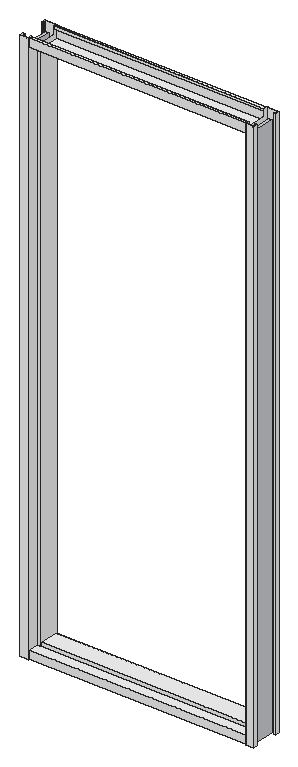
Revit family "32_Berkvens_Avento RZ 201 (Vrij plaatsen)", category Doors, Revit 2019
Family settings
  Work Plane-Based = No
  Always vertical = No
  Cut with Voids When Loaded = No
  Shared = No
  Room Calculation Point = No
Parameters (values of type "1000x2315")
  X1 [instance] = Glas
  Volumeclaim minimale sparingbreedte aan/uit [instance] = yes
  Versie = "1.0"  # constant formula
  URL = "www.berkvens.nl"
  SmokeStop = no
  SelfClosing = no
  S2 [instance] = if([60_43 Extra tussenstijl], 0 mm, 1000 mm)  # 1000 mm
  S1 [instance] = [60_69 Wanddikte] + 15 mm  # 115 mm
  Model = "Avento RZ"  # constant formula
  Markering aan/uit [instance] = yes
  Manufacturer = "Berkvens"  # constant formula
  M6 = Berkvens_gebroken wit
  M5 = Berkvens_kristalwit
  M4 = Berkvens_reinwit
  M3 = Berkvens_reinwit
  M2 = Berkvens_kristalwit
  M1 = Berkvens <maak keuze>
  IsExternal = no
  FireRating = ""
  FireExit = no
  Compartmentation = no
  Assembly Code = "32.31"
  Analytic Construction = "<None>"
  90_90 Sparingsnummer [instance] = ""
  80_80 Deurdikte [instance] = 40 mm  # constant formula
  80_75 Deurhoogte = 2315 mm
  80_60 Kantuitvoering = "stomp"  # constant formula
  80_54 Brandwerendheid [instance] = Brandwerendheid : niet brandwerend
  80_53 Geluidwerendheid [instance] = Geluidwerendheid : niet geluidwerend
  60_84 Type kozijn = "Avento stalen montagekozijn 1,5 mm"  # constant formula
  60_81 Uitvoering kozijn = "Glaspui zonder bovenlicht"  # constant formula
  60_78 Snoerprofiel [instance] = Snoerprofiel : zonder snoerprofiel
  60_72 Kozijnkleur [instance] = Berkvens <maak keuze>
  60_69 Wanddikte [instance] = 100 mm
  60_66 Ruimte onder de deur [instance] = 22 mm
  60_63 Vloerplafondhoogte = 0 mm
  60_61 Max deurhoogte igv verdiepingshoog [instance] = [60_63 Vloerplafondhoogte] - [60_66 Ruimte onder de deur] - 59 mm  # -81 mm
  60_60 Stijllengte [instance] = [80_75 Deurhoogte] + [60_66 Ruimte onder de deur] + 39 mm  # 2376 mm
  60_51 Sparingsmaat = [60_48 Totale breedte] - 30 mm  # 970 mm
  60_48 Totale breedte = 1000 mm
  60_45 Model kozijn = "RZ glaspui"  # constant formula
  60_43 Extra tussenstijl [instance] = no
  60_42 Extra tussenkalf [instance] = no
  60_24 Opmerking kozijn [instance] = ""
Reference planes
  plane 1 "Center (Front/Back)": y = 0
  plane 2: z = 0
  plane 3 "Center (Left/Right)": x = 0
  plane 4 "BK Kozijn": z = 2392
  plane 5: x = -485
  plane 6: x = 485
  plane 7 "Hartlijn paneel": y = -7
  plane 8 "ROD": z = 22
  plane 9 "Referentie regelwerk": y = -35
  plane 10: y = 65
  plane 11: z = 2376
  plane 12 "OK paneel1": z = 35
  plane 13: x = -467.5
  plane 14: x = 467.5
  plane 15 "BK paneel": z = 2341
  plane 16: y = -1035
  plane 17: y = -920
  plane 18: z = 550
  plane 19: z = 2361
Forms (mm)
  Sweep 1, solid, material "Berkvens <maak keuze>" <- "60_72 Kozijnkleur"
    path origin (0, -35, 0) x (-1, 0, 0) y (0, 0, 1)
      loop
        line (485, 2376) -> (485, 0)
    profile origin (-485, -35, 1188) x (0, 1, 0) y (-1, 0, 0)
      loop
        line (100, 15) -> (100, 6) -> (100.8, 6) -> (100.8, 14.2) -> (114.2, 14.2) -> (114.2, -35.7) -> (30.8, -35.7) -> (30.8, -20.7) -> (-14.2, -20.7) -> (-14.2, 14.2) -> (-0.8, 14.2) -> (-0.8, 6) -> (0, 6) -> (0, 15) -> (-15, 15) -> (-15, -21.5) -> (30, -21.5) -> (30, -36.5) -> (115, -36.5) -> (115, 15) -> (100, 15)
  Sweep 2, void
    path origin (0, -35, 0) x (-1, 0, 0) y (0, 0, 1)
      loop
        line (485, 2392) -> (485, 0)
    profile origin (-485, -35, 1196) x (0, 1, 0) y (-1, 0, 0)
      loop
        line (115, -36.5) -> (115, 0) -> (-15, 0) -> (-15, -21.5) -> (30, -21.5) -> (30, -36.5) -> (115, -36.5)
  Sweep 3, solid, material "Berkvens <maak keuze>" <- "60_72 Kozijnkleur"
    path origin (0, -35, 0) x (1, 0, 0) y (0, 0, 1)
      loop
        line (485, 2376) -> (485, 0)
    profile origin (485, -35, 1188) x (0, 1, 0) y (-1, 0, 0)
      loop
        line (100, -15) -> (115, -15) -> (115, 36.5) -> (30, 36.5) -> (30, 21.5) -> (-15, 21.5) -> (-15, -15) -> (0, -15) -> (0, -6) -> (-0.8, -6) -> (-0.8, -14.2) -> (-14.2, -14.2) -> (-14.2, 20.7) -> (30.8, 20.7) -> (30.8, 35.7) -> (114.2, 35.7) -> (114.2, -14.2) -> (100.8, -14.2) -> (100.8, -6) -> (100, -6) -> (100, -15)
  Sweep 4, void
    path origin (0, -35, 0) x (1, 0, 0) y (0, 0, 1)
      loop
        line (485, 2392) -> (485, 0)
    profile origin (485, -35, 1196) x (0, 1, 0) y (-1, 0, 0)
      loop
        line (115, 36.5) -> (30, 36.5) -> (30, 21.5) -> (-15, 21.5) -> (-15, 0) -> (115, 0) -> (115, 36.5)
  Sweep 5, solid, material "Berkvens <maak keuze>" <- "60_72 Kozijnkleur"
    path origin (0, -35, 0) x (-1, 0, 0) y (0, 0, 1)
      loop
        line (485, 2376) -> (-485, 2376)
    profile origin (0, -35, 2376) x (0, 0, -1) y (0, 1, 0)
      loop
        line (0, 112.2) -> (0, 100) -> (9, 100) -> (9, 100.8) -> (0.8, 100.8) -> (0.8, 111.4) -> (50.7, 111.4) -> (50.7, 30.8) -> (35.672, 30.8) -> (35.672, -11.2) -> (0.8, -11.2) -> (0.8, -0.8) -> (9, -0.8) -> (9, 0) -> (0, 0) -> (0, -12) -> (36.5, -12) -> (36.5, 30) -> (51.5, 30) -> (51.5, 112.2) -> (0, 112.2)
  Extrusion 6, solid, visible <- "Volumeclaim minimale sparingbreedte aan/uit"
    sketch origin (0, 0, 0) x (1, 0, 0) y (0, 1, 0)
      loop
        line (-482.5, 65) -> (-482.5, -35) -> (-468.5, -35) -> (-468.5, 65) -> (-482.5, 65)
      loop
        line (482.5, 65) -> (468.5, 65) -> (468.5, -35) -> (482.5, -35) -> (482.5, 65)
    from 0 to 2376
  Sweep 7, solid, material "Berkvens <maak keuze>" <- "60_72 Kozijnkleur"
    path origin (0, -35, 2376) x (-1, 0, 0) y (0, 0, -1)
      loop
        line (485, 2376) -> (-485, 2376)
    profile origin (0, -35, 0) x (0, 0, -1) y (0, 1, 0)
      loop
        line (0, 112.2) -> (-51.5, 112.2) -> (-51.5, 30) -> (-36.5, 30) -> (-36.5, -12) -> (0, -12) -> (0, 0) -> (-9, 0) -> (-9, -0.8) -> (-0.8, -0.8) -> (-0.8, -11.2) -> (-35.672, -11.2) -> (-35.672, 30.8) -> (-50.7, 30.8) -> (-50.7, 111.4) -> (-0.8, 111.4) -> (-0.8, 100.8) -> (-9, 100.8) -> (-9, 100) -> (0, 100) -> (0, 112.2)
  Sweep 8, solid, material "Berkvens <maak keuze>" <- "60_72 Kozijnkleur", visible <- "60_43 Extra tussenstijl"
    path origin (-505, -35, 1200) x (-1, 0, 0) y (0, 0, 1)
      loop
        line (-505, 1176) -> (-505, -1200)
    profile origin (0, -35, 1188) x (0, 1, 0) y (-1, 0, 0)
      loop
        line (115, -33.25) -> (115, 33.25) -> (30, 33.25) -> (30, 18.25) -> (-15, 18.25) -> (-15, -18.25) -> (30, -18.25) -> (30, -33.25) -> (115, -33.25)
      loop
        line (114.2, -32.45) -> (114.2, 32.45) -> (30.8, 32.45) -> (30.8, 17.45) -> (-14.2, 17.45) -> (-14.2, -17.45) -> (30.8, -17.45) -> (30.8, -32.45) -> (114.2, -32.45)
  Sweep 9, void
    path origin (0, -35, 0) x (-1, 0, 0) y (0, 0, 1)
      loop
        line (485, 2376) -> (-485, 2376)
    profile origin (0, -35, 2376) x (0, 0, -1) y (0, 1, 0)
      loop
        line (0, 100) -> (0, 0) -> (32, 0) -> (32, 100) -> (0, 100)
  Sweep 10, solid, material "Berkvens <maak keuze>" <- "60_72 Kozijnkleur", visible <- "60_42 Extra tussenkalf"
    path origin (0, -35, 2891) x (-1, 0, 0) y (0, 0, -1)
      loop
        line (485, 2341) -> (-485, 2341)
    profile "Tussenkalf Profiel Avento : Tussenkalf Profiel Avento" origin (0, -35, 550) x (0, 0, -1) y (0, 1, 0)
      loop
        line (35, -10.5) -> (35, -5.6) -> (24, -5.6) -> (24, 12.4) -> (33.5, 12.4) -> (33.5, 20.9) -> (24, 20.9) -> (24, 32.4) -> (33.5, 32.4) -> (33.5, 66.4) -> (35, 66.4) -> (35, 73) -> (-13.5, 73) -> (-13.5, 32.5) -> (1.5, 32.5) -> (1.5, -10.5) -> (35, -10.5)
      loop
        line (0, -12) -> (36.5, -12) -> (36.5, 0) -> (35, 0) -> (35, -4.1) -> (25.5, -4.1) -> (25.5, 10.9) -> (35, 10.9) -> (35, 22.4) -> (25.5, 22.4) -> (25.5, 30.9) -> (35, 30.9) -> (35, 62.5) -> (36.5, 62.5) -> (36.5, 74.5) -> (-15, 74.5) -> (-15, 31) -> (0, 31) -> (0, -12)
Cuts and joins
  Sweep 4, Sweep 9 cuts Sweep 1
  Sweep 2, Sweep 4 cuts Sweep 5
  Sweep 2, Sweep 4 cuts Sweep 7
  Sweep 2, Sweep 4 cuts Sweep 10
  Sweep 9 cuts Extrusion 6
  Sweep 9 cuts Sweep 8
  Sweep 9 cuts Sweep 3
Dimensions and locks
  equal spacing: plane 5, plane 3 "Center (Left/Right)", plane 6
  "60_51 Sparingsmaat": plane 5 to plane 6
  "60_66 Ruimte onder de deur": plane 8 "ROD" to level
  "60_69 Wanddikte": plane 10 to plane 9 "Referentie regelwerk"
  plane 10 to Sweep 1 sketch curve to Sweep 1 sketch curve = 14.2 mm locked, 0.8 mm locked
  Sweep 3 sketch curve to Sweep 3 sketch curve to plane 10 = 0.8 mm locked, 14.2 mm locked
  locked: plane 5 to Extrusion 6 sketch curve at 2.5
  locked: Extrusion 6 sketch curve to Extrusion 6 sketch curve at 14  (x2)
  locked: Extrusion 6 sketch curve to plane 6 at 2.5
  locked: Sweep 1 sketch curve to plane 10 at 0.8
  locked: profile plane to Sweep 1 sketch curve at 0.8
  locked: Sweep 3 sketch curve to plane 10 at 0.8
  locked: profile plane to Sweep 3 sketch curve at 0.8
  "60_60 Stijllengte": plane 11 to plane 2
  locked: plane 4 "BK Kozijn" to plane 11 at 16
  Sweep 5 sketch curve to plane 10 = 12.2 mm
  locked: plane 5 to plane 13 at 17.5
  locked: plane 14 to plane 6 at 17.5
  locked: plane 15 "BK paneel" to plane 11 at 35
  locked: plane 7 "Hartlijn paneel" to plane 9 "Referentie regelwerk" at 28
  locked: Sweep 8 sketch curve to Sweep 8 sketch curve at 0.8
  locked: Sweep 8 sketch curve to plane 10 at 14.2
  Sweep 7 sketch curve to Sweep 7 sketch curve to Sweep 7 sketch curve to Sweep 7 sketch curve = 0.8 mm locked, 10.6 mm locked, 0.8 mm locked
  "S2": plane 9 "Referentie regelwerk" to plane 16
  "S1": plane 17 to plane 16
  locked: level to plane 18 at 550
  locked: Sweep 9 sketch curve to plane 11 at 32
  locked: plane 11 to plane 19 at 15
  aligned and locked: level to plane 2
  aligned and locked: plane 5 to Sweep 1 sketch curve
  aligned and locked: level to Sweep 1 sketch curve
  aligned and locked: plane 10 to Sweep 1 sketch curve
  aligned and locked: Sweep 3 sketch curve to plane 10
  aligned and locked: plane 5 to Sweep 5 sketch curve
  aligned and locked: plane 6 to Sweep 5 sketch curve
  aligned and locked: Extrusion 6 sketch curve to plane 10
  aligned and locked: plane 9 "Referentie regelwerk" to Extrusion 6 sketch curve
  aligned and locked: Extrusion 6 to level
  aligned and locked: profile plane to Sweep 1 sketch curve
  aligned and locked: plane 11 to Sweep 1 sketch curve
  aligned and locked: plane 11 to Sweep 3 sketch curve
  aligned and locked: plane 11 to Sweep 5 sketch curve
  aligned and locked: Extrusion 6 to plane 11
  aligned and locked: Sweep 2 sketch curve to cut or joined group of Sweep 1, Sweep 4, Sweep 9  (x3)
  aligned and locked: Sweep 3 to Sweep 4 sketch curve  (x2)
  aligned and locked: Sweep 5 sketch curve to plane 10
  aligned and locked: Sweep 7 sketch curve to plane 2
  aligned and locked: Sweep 8 sketch curve to plane 3 "Center (Left/Right)"
  aligned and locked: plane 11 to Sweep 8 sketch curve
  aligned and locked: level to Sweep 8 sketch curve
  aligned and locked: plane 10 to Sweep 7 sketch curve
  aligned and locked: Sweep 10 sketch curve to plane 18
  aligned and locked: plane 10 to Sweep 9 sketch curve
  aligned and locked: Sweep 9 sketch curve to plane 9 "Referentie regelwerk"
  aligned and locked: Sweep 4 sketch curve to cut or joined group of Sweep 3, Sweep 9  (x2)
  aligned and locked: plane 19 to nested 1
  aligned and locked: plane 5 to nested 1
  aligned and locked: plane 6 to nested 1
Automatic sketch dimensions
  Sweep 1 sketch curve to plane 9 "Referentie regelwerk" = 15 mm
  profile plane to Sweep 1 sketch curve = 36.5 mm
  Sweep 1 sketch curve to Sweep 1 sketch curve = 0.8 mm  (x6)
  plane 9 "Referentie regelwerk" to Sweep 1 sketch curve = 30 mm
  profile plane to Sweep 1 sketch curve = 21.5 mm
  Sweep 1 sketch curve to profile plane = 6 mm  (x2)
  Sweep 1 sketch curve to Sweep 1 sketch curve = 8.2 mm  (x2)
  Sweep 2 sketch curve to level = 0 mm
  Sweep 2 sketch curve to plane 5 = 0 mm
  Sweep 2 sketch curve to plane 4 "BK Kozijn" = 0 mm
  Sweep 3 sketch curve to level = 0 mm
  Sweep 3 sketch curve to plane 6 = 0 mm
  Sweep 3 sketch curve to plane 9 "Referentie regelwerk" = 0 mm
  profile plane to Sweep 3 sketch curve = 15 mm  (x2)
  Sweep 3 sketch curve to plane 9 "Referentie regelwerk" = 14.2 mm
  Sweep 3 sketch curve to Sweep 3 sketch curve = 0.8 mm  (x6)
  plane 9 "Referentie regelwerk" to Sweep 3 sketch curve = 30 mm
  Sweep 3 sketch curve to Sweep 3 sketch curve = 8.2 mm  (x2)
  Sweep 3 sketch curve to profile plane = 20.7 mm
  Sweep 3 sketch curve to profile plane = 35.7 mm
  Sweep 4 sketch curve to level = 0 mm
  Sweep 4 sketch curve to plane 6 = 0 mm
  Sweep 4 sketch curve to plane 4 "BK Kozijn" = 0 mm
  Sweep 5 sketch curve to profile plane = 0 mm  (x2)
  Sweep 5 sketch curve to plane 9 "Referentie regelwerk" = 0 mm
  Sweep 5 sketch curve to plane 9 "Referentie regelwerk" = 12 mm
  Sweep 5 sketch curve to profile plane = 0.8 mm  (x2)
  Sweep 5 sketch curve to Sweep 5 sketch curve = 8.2 mm  (x2)
  Sweep 5 sketch curve to plane 9 "Referentie regelwerk" = 11.2 mm
  Sweep 5 sketch curve to Sweep 5 sketch curve = 26.672 mm
  Sweep 5 sketch curve to Sweep 5 sketch curve = 0.828 mm
  Sweep 5 sketch curve to Sweep 5 sketch curve = 41.7 mm
  Sweep 5 sketch curve to Sweep 5 sketch curve = 0.8 mm  (x4)
  Sweep 5 sketch curve to plane 9 "Referentie regelwerk" = 0.8 mm
  plane 9 "Referentie regelwerk" to Sweep 5 sketch curve = 30 mm
  Extrusion 6 sketch curve to plane 9 "Referentie regelwerk" = 0 mm
  Extrusion 6 sketch curve to plane 10 = 0 mm
  Sweep 7 sketch curve to plane 6 = 0 mm
  Sweep 7 sketch curve to plane 5 = 0 mm
  Sweep 7 sketch curve to plane 9 "Referentie regelwerk" = 0 mm
  Sweep 7 sketch curve to profile plane = 0 mm  (x2)
  Sweep 7 sketch curve to plane 9 "Referentie regelwerk" = 12 mm
  profile plane to Sweep 7 sketch curve = 0.8 mm  (x2)
  Sweep 7 sketch curve to Sweep 7 sketch curve = 8.2 mm  (x2)
  Sweep 7 sketch curve to plane 9 "Referentie regelwerk" = 0.8 mm
  Sweep 7 sketch curve to plane 9 "Referentie regelwerk" = 11.2 mm
  Sweep 7 sketch curve to Sweep 7 sketch curve = 26.672 mm
  Sweep 7 sketch curve to Sweep 7 sketch curve = 0.828 mm
  Sweep 7 sketch curve to Sweep 7 sketch curve = 41.7 mm
  Sweep 7 sketch curve to Sweep 7 sketch curve = 0.8 mm  (x2)
  plane 9 "Referentie regelwerk" to Sweep 7 sketch curve = 30 mm
  Sweep 8 sketch curve to plane 9 "Referentie regelwerk" = 15 mm
  profile plane to Sweep 8 sketch curve = 33.25 mm
  Sweep 8 sketch curve to Sweep 8 sketch curve = 0.8 mm  (x7)
  plane 9 "Referentie regelwerk" to Sweep 8 sketch curve = 30 mm  (x2)
  profile plane to Sweep 8 sketch curve = 18.25 mm
  Sweep 8 sketch curve to profile plane = 17.45 mm
  Sweep 8 sketch curve to profile plane = 32.45 mm
  Sweep 9 sketch curve to plane 6 = 0 mm
  Sweep 9 sketch curve to plane 5 = 0 mm
  Sweep 9 sketch curve to plane 11 = 0 mm
  Sweep 10 sketch curve to plane 6 = 0 mm
  Sweep 10 sketch curve to plane 5 = 0 mm
  Sweep 9 sketch curve to profile plane = 0 mm
  Sweep 2 sketch curve to profile plane = 0 mm
  Sweep 2 sketch curve to plane 9 "Referentie regelwerk" = 15 mm
  plane 9 "Referentie regelwerk" to Sweep 2 sketch curve = 30 mm
  Sweep 4 sketch curve to profile plane = 0 mm
  Sweep 4 sketch curve to plane 9 "Referentie regelwerk" = 15 mm
Nested families
  nested 1: "Markering sparing" at (301.028, -35, 2361), wanddikte <- "60_69 Wanddikte", visible <- "Markering aan/uit", type "Markering sparing"
    with wanddikte 100 mm, tussenliggende afstand 970 mm
Definition of nested family "Markering sparing"
  Parameters
    wanddikte [instance] = 300 mm
    tussenliggende afstand [instance] = 1586.028 mm
    Default Elevation = 1219.2 mm
  Reference planes
    plane 1 "Center (Front/Back)": y = 0
    plane 2: z = 0
    plane 3 "Center (Left/Right)": x = 0
    plane 4: z = 0
    plane 5: z = 300
    plane 6: x = -786.028
    plane 7: x = 800
    plane 8: x = 1100
    plane 9: x = -1086.028
    plane 10: y = -300
    plane 11: y = 300
    plane 12: y = 600
  Lines and regions (mm)
    symbolic lines
      curve 1: line (-1086.028, 0, 0) -> (-786.028, 0, 0)
      curve 2: line (-786.028, 0, 0) -> (-786.028, 0, 300)
      curve 3: line (800, 0, 300) -> (800, 0, 0)
      curve 4: line (800, 0, 0) -> (1100, 0, 0)
      curve 5: line (800, 300, 0) -> (800, -300, 0)
      curve 6: line (-786.028, 600, 0) -> (-786.028, -300, 0)
      curve 7: line (-786.028, 300, 0) -> (-786.028, 300, 300)
      curve 8: line (-786.028, 0, 0) -> (-786.028, 0, 300)
      curve 9: line (1100, 300, 0) -> (800, 300, 0)
      curve 10: line (800, 300, 0) -> (800, 300, 300)
      curve 11: line (-786.028, 300, 300) -> (-786.028, 300, 0)
      curve 12: line (-786.028, 300, 0) -> (-1086.028, 300, 0)
  Dimensions and locks
    locked: plane 6 to plane 9 at 300
    locked: plane 8 to plane 7 at 300
    "tussenliggende afstand": plane 7 to plane 6
    locked: plane 5 to plane 4 at 300
    locked: plane 12 to plane 11 at 300
    locked: plane 1 "Center (Front/Back)" to plane 10 at 300
    "wanddikte": plane 11 to plane 1 "Center (Front/Back)"
    aligned and locked: level to plane 2
    aligned and locked: curve 3 to plane 7
    aligned and locked: curve 4 to plane 4
    aligned and locked: curve 1 to plane 4
    aligned and locked: plane 6 to curve 2
    aligned and locked: plane 5 to curve 2
    aligned and locked: plane 5 to curve 3
    aligned and locked: plane 9 to curve 1
    aligned and locked: plane 8 to curve 4
    aligned and locked: level to plane 4
    aligned and locked: plane 11 to curve 5
    aligned and locked: plane 10 to curve 5
    aligned and locked: curve 5 to level
    aligned and locked: curve 6 to level
    aligned and locked: plane 10 to curve 6
    aligned and locked: plane 12 to curve 6
    aligned and locked: plane 11 to curve 7
    aligned and locked: plane 1 "Center (Front/Back)" to curve 8
    aligned and locked: plane 5 to curve 8
    aligned and locked: plane 5 to curve 7
    aligned and locked: curve 9 to level
    aligned and locked: curve 12 to level
    aligned and locked: plane 6 to curve 11
    aligned and locked: plane 9 to curve 12
    aligned and locked: plane 5 to curve 11
    aligned and locked: plane 5 to curve 10
    aligned and locked: curve 10 to plane 7
    aligned and locked: plane 8 to curve 9
